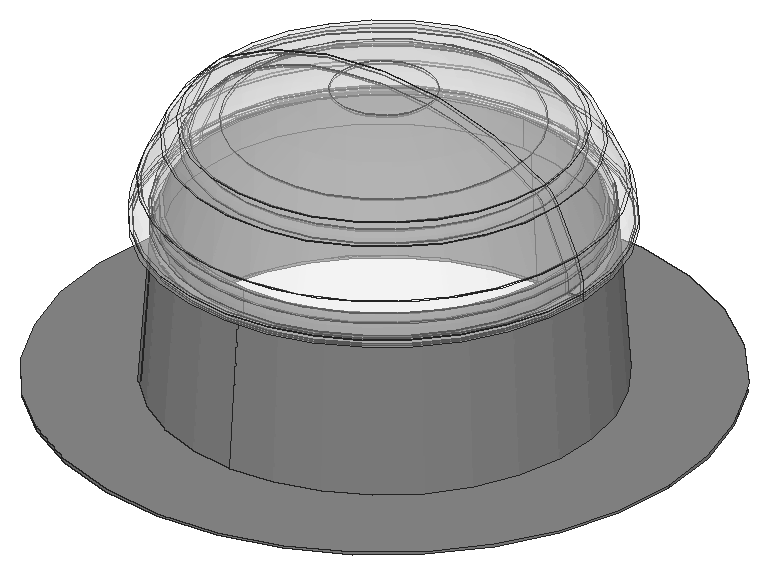
Revit family
Parameters (values of type "ByType")
  Wire Suspension Kit [instance] = yes
  Water Penetration = "No water penetration at 16.5 psf (ASTM E 331)"
  Warranty Duration (Years) = 10
  Visible Light Transmission = 92
  UL Fire Rating = "Class B"
  U Factor = 0.43
  Type Comments = "Type as Specified"
  Test Data [instance] = "http://cpd.nfrc.org/pubsearch/psLineDetails.asp?CPD=STU-K-2_10642"
  Structural Test Pressure = "Positive pressure of 110 psf and Negative pressure of 60 psf (ASTM E 330)"
  Specification [instance] = "http://www.arcat.com/sd/clients/solatube.html?coid=35591"
  SpecWizard [instance] = "http://www.arcat.com/specwizard/08625slt/index.htm?mf=&coid=35591"
  Send Message = "http://admin.arcat.com/users.pl?action=UserEmail&company=Solatube%20International%20Inc.&coid=35591&rep=147&fax=760-597-4488%20&mf="
  Sales Information [instance] = "http://www.solatube.com/commercial/brightenup.php"
  SHGC = 0.33
  Rough Width = 0' - 0"
  Rough Height = 0' - 0"
  Product Properties [instance] = "http://www.arcat.com/bim/bim_info.pl?fn=TDD_Solatube"
  Product Data [instance] = "http://www.arcat.com/clickthru.pl?coid=35591&prodid=2973&loc=www.solatube.com/residential/brightenup.php"
  Photometric Data [instance] = "http://www.solatube.com/downloads/lumens.pdf"
  Outer Dome = Dome_Acrylic
  Model = "As Specified in 08 62 00"
  Manufacturer Website = "http://www.solatube.com"
  Manufacturer Phone - Toll Free = "888-765-2882"
  Manufacturer Phone = "760-597-4400"
  Manufacturer Fax = "760-597-4488"
  Manufacturer Address = "2210 Oak Ridge Way Vista CA  92081"
  Manufacturer = "Solatube International Inc."
  Maintenance Schedule (Months) = 0
  MSDS [instance] = "http://www.solatube.com/commercial/technical_resources.php"
  Is Hurricane Zone (HVHZ) Compliant = no
  Inner Dome = None
  Incandescent Light System [instance] = yes
  Flashing Type = F Flashing : F08
  Flashing Material = Flashing_Steel - ASTM A653 - Black
  Extension Tubes [instance] = 0
  EDCS Area_in2 = 160
  Keynote = "08 62 00"
  Installation-Fabrication [instance] = "http://www.solatube.com/downloads/2007/install/950160_750_330_DS_Instructions_v1.0.pdf"
  Installation Phase = "{Roof}{Retrofit}"
  Green Building-LEED [instance] = "http://www.arcat.com/green/leed_info.php?coid=35591&prodid=2973&mf="
  R.O. Diameter = 1' - 9 1/2"
  Flashing Thickness = 0' - 0 1/16"
  Expected Lifespan (Years) = 0
  ENERGYSTAR Qualified = if(and(U Factor < 0.601, SHGC < 1), "N, N/C, S/C, S", if(and(U Factor < 0.601, SHGC < 0.401), "N/C and S/C", if(and(U Factor < 0.751, SHGC < 0.401), "S", "Non-Compliant")))  # "N, N/C, S/C, S"
  Drawn By = "Robert S. Weygant. CSI, CDT, SCIP"
  Throat Height = 0' - 8"
  Dome = 21 Dome : DPI
  Description = "Solatube Tubular Taylighting Device (TDD) as Specified in 08 62 00"
  Daylight Dimmer Kit [instance] = yes
  Copyright = "2008, ARCAT, Inc."
  Construction Type = "{New}{Retrofit}"
  Construction Details [instance] = "http://www.arcat.com/details/solatube/prod0437.html"
  Compact Flourescent Light System [instance] = yes
  Building Codes [instance] = "http://www.solatube.com/commercial/technical_resources.php"
  Mounting Height [instance] = 0' - 0"
  Assembly Code = "B3020110"
  Air Infiltration = "0.3 cfm/ft2 at 1.57 psf (ASTM E 283)"
  0-90 Angle Extension Tubes [instance] = 0
Reference planes (in)
  plane 1 "Center (Front/Back)": y = 0
  plane 2 "Roof": z = 159.05758
  plane 3 "Center (Left/Right)": x = 0
  plane 4 "Ceiling": z = 0
  plane 5 "Base": z = 165.05758
  plane 6 "Roof Face": z = 165.05758
  plane 7 "LensCurb": z = 173.05758
Lines and regions (in)
  Opening 1
    outline origin (-0.22623, 0, 165.05758) x (0, 1, 0) y (-1, 0, 0)
      loop
        circle (0, -0.22623) r 10.75
  sketch lines
    curve 1: line (-60.22623, 60, 0) -> (59.77377, 60, 0)
    curve 2: line (-60.22623, 60, 0) -> (-60.22623, -60, 0)
    curve 3: line (-60.22623, -60, 0) -> (59.77377, -60, 0)
    curve 4: line (59.77377, 60, 0) -> (59.77377, -60, 0)
Dimensions and locks (in)
  curve 2 to plane 3 "Center (Left/Right)" to curve 4 = 5' - 0.22623", 4' - 11.77377"
  equal spacing: curve 3, plane 1 "Center (Front/Back)", curve 1
  locked: plane 5 "Base" to plane 6 "Roof Face"
  "Throat Height": plane 7 "LensCurb" to plane 5 "Base"
  "R.O. Diameter": Opening 1 sketch curve to Opening 1 sketch curve
  aligned and locked: plane 2 "Roof" to level
  aligned and locked: level to host roof
  aligned and locked: plane 6 "Roof Face" to host roof
  aligned and locked: nested 1 to plane 3 "Center (Left/Right)"
  aligned and locked: plane 1 "Center (Front/Back)" to nested 2
  aligned and locked: plane 3 "Center (Left/Right)" to nested 2
  aligned and locked: plane 7 "LensCurb" to nested 2
  aligned and locked: plane 3 "Center (Left/Right)" to Opening 1 sketch curve
  aligned and locked: plane 1 "Center (Front/Back)" to Opening 1 sketch curve
Nested families (in)
  nested 1: "F Flashing" at (0, 0, 164.93258) x (-1, 0, 0) z (0, 0, 1), Flashing Material <- "Flashing Material", type <- "Flashing Type", type "F08"
    with Flashing Material Flashing_Steel - ASTM A653 - Black
  nested 2: "21 Dome" at (2.86731, 0, 173.05758), type <- "Dome", type "DPI"
Definition of nested family "F Flashing"
  Parameters (values of type "F08")
    Toprad = 0' - 5 1/2"
    Thk = 0' - 0 1/8"
    Opening = 0' - 11 1/4"
    Inttoprad = Toprad - Thk  # 0' - 5 3/8"
    IntBaserad = Baserad - Thk  # 0' - 6 3/8"
    Flashing Size = 1' - 4 13/16"
    Flashing Material [instance] = Poche
    Default Elevation = 4' - 0"
    Baserad = Toprad + 0' 1"  # 0' - 6 1/2"
    Baseht = 0' - 9"
    Assembly Code = ""
  Types (3): name | Baseht
    F11 | 0' - 11"
    F08 | 0' - 9"
    F04 | 0' - 5"
  Reference planes (in)
    plane 1 "Center (Front/Back)": y = 0
    plane 2 "Bottom": z = 0
    plane 3 "Center (Left/Right)": x = 0
  Forms (in)
    Extrusion 1, solid, material "Poche" <- "Flashing Material"
      sketch origin (0, 0, 0) x (1, 0, 0) y (0, 1, 0)
        loop
          circle (0, 0) r 11.25
        loop
          circle (0, 0) r 16.8125
      from 0 to 0.125
    Revolve 2, solid, material "Poche" <- "Flashing Material"
      sketch origin (0, 0, 0) x (0, 1, 0) y (0, 0, 1)
        loop
          line (10.25, 9.125) -> (10.25, 7.625) -> (10.75, 7.625) -> (11.25, 0.125) -> (11.37748, 0.125) -> (10.85248, 7.75) -> (10.375, 7.75) -> (10.375, 9.125) -> (10.25, 9.125)
        axis (0, 9.125) -> (0, 0.125)
      angle from 0 to 360
  Dimensions and locks (in)
    "Thk": Extrusion 1 to Extrusion 1
    locked: Revolve 2 sketch curve to Revolve 2 sketch curve at 1.5
    locked: Revolve 2 sketch curve to Revolve 2 sketch curve at 0.125  (x2)
    "Baseht": Revolve 2 sketch curve to Revolve 2 sketch curve
    "Opening": radius of Extrusion 1 sketch curve
    "Flashing Size": radius of Extrusion 1 sketch curve
    aligned and locked: Revolve 2 sketch curve to plane 1 "Center (Front/Back)"
  Automatic sketch dimensions
    Extrusion 1 sketch curve to Extrusion 1 sketch curve = 0' - 0"  (x2)
    Extrusion 1 sketch curve to plane 1 "Center (Front/Back)" = 0' - 0"
    Extrusion 1 sketch curve to plane 3 "Center (Left/Right)" = 0' - 0"
    Revolve 2 sketch curve to plane 1 "Center (Front/Back)" = 0' - 10 1/4"
    Revolve 2 sketch curve to Revolve 2 sketch curve = 0' - 0 3/8"
    Revolve 2 sketch curve to Revolve 2 sketch curve = 0' - 0.10248"
    level to Revolve 2 sketch curve = 0' - 0 1/8"
    Revolve 2 sketch curve to Revolve 2 sketch curve = 0' - 0 1/2"
    Revolve 2 sketch curve to Revolve 2 sketch curve = 0' - 0.12748"
    Revolve 2 sketch curve to level = 2' - 0"
    Revolve 2 sketch curve to Revolve 2 sketch curve = 7' - 4.15086"
Definition of nested family "21 Dome"
  Parameters (values of type "DPI")
    con1 = Rad / 2  # 0' - 3"
    Rad = 0' - 6"
    R2 = 0' - 7 15/16"
    Lens = Dome_Acrylic
    LN = 0' - 6"
    Inner Dome = yes
    Default Elevation = 4' - 0"
    Assembly Code = ""
  Types (4): name | Inner Dome
    DPI | yes
    DAI | yes
    DP | no
    DA | no
  Reference planes (in)
    plane 1 "Center (Front/Back)": y = 0
    plane 2: z = 0
    plane 3 "Center (Left/Right)": x = -2.86731
    plane 4: z = 8
    plane 5: x = -14.67981
    plane 6: z = 1
    plane 7: z = 6
    plane 8: x = -8.86731
  Forms (in)
    Revolve 1, solid, material "Dome_Acrylic" <- "Lens"
      sketch origin (0, 0, 0) x (1, 0, 0) y (0, 0, 1)
        loop
          line (-13.20332, 4.51702) -> (-14.27895, 2.21033)
          arc (-14.27895, 2.21033) -> (-14.57839, 1.32818) -> (-14.67981, 0.40214) r 4.27854
          line (-14.67981, 0.40214) -> (-14.67981, 0) -> (-14.49379, 0) -> (-14.49379, 0.40214)
          arc (-14.49379, 0.40214) -> (-14.39678, 1.28792) -> (-14.11035, 2.13171) r 4.09252
          line (-14.11035, 2.13171) -> (-13.04092, 4.42512)
          arc (-13.04092, 4.42512) -> (-12.71643, 4.9161) -> (-12.26309, 5.29138) r 2
          arc (-12.26309, 5.29138) -> (-7.74391, 7.21813) -> (-2.86731, 7.81327) r 17.50521
          line (-2.86731, 7.81327) -> (-2.86731, 8)
          arc (-2.86731, 8) -> (-7.85008, 7.38313) -> (-12.44909, 5.36879) r 17.39474
          arc (-12.44909, 5.36879) -> (-12.88805, 4.99767) -> (-13.20332, 4.51702) r 2
        axis (-2.86731, 8) -> (-2.86731, 0)
      angle from 0 to 360
    Revolve 2, solid, material "Dome_Acrylic" <- "Lens", visible <- "Inner Dome"
      sketch origin (0, 0, 0) x (1, 0, 0) y (0, 0, 1)
        loop
          line (-13.74379, 0.75851) -> (-13.74379, 0.10373) -> (-14.49379, 0.10373) -> (-14.49379, 0) -> (-13.61879, 0) -> (-13.61879, 0.75851)
          arc (-13.61879, 0.75851) -> (-13.59669, 0.96873) -> (-13.53137, 1.16977) r 1.01113
          line (-13.53137, 1.16977) -> (-12.20602, 4.14657)
          arc (-12.20602, 4.14657) -> (-12.04613, 4.39277) -> (-11.81798, 4.57752) r 0.93831
          line (-11.81798, 4.57752) -> (-10.39788, 5.39742)
          arc (-10.39788, 5.39742) -> (-7.98745, 6.46629) -> (-5.40584, 7.00289) r 12.43531
          line (-5.40584, 7.00289) -> (-2.86731, 7.1804) -> (-2.86731, 7.30571) -> (-5.41636, 7.12746)
          arc (-5.41636, 7.12746) -> (-8.02485, 6.58556) -> (-10.46038, 5.50568) r 12.56031
          line (-10.46038, 5.50568) -> (-11.88048, 4.68578)
          arc (-11.88048, 4.68578) -> (-12.13902, 4.47642) -> (-12.32021, 4.19741) r 1.06331
          line (-12.32021, 4.19741) -> (-13.64556, 1.22061)
          arc (-13.64556, 1.22061) -> (-13.71896, 0.99472) -> (-13.74379, 0.75851) r 1.13613
        axis (-2.86731, 7.30571) -> (-2.86731, 0)
      angle from 0 to 360
  Dimensions and locks (in)
    plane 6 to plane 2 = 0' - 1"
    aligned and locked: Revolve 2 sketch curve to plane 3 "Center (Left/Right)"
